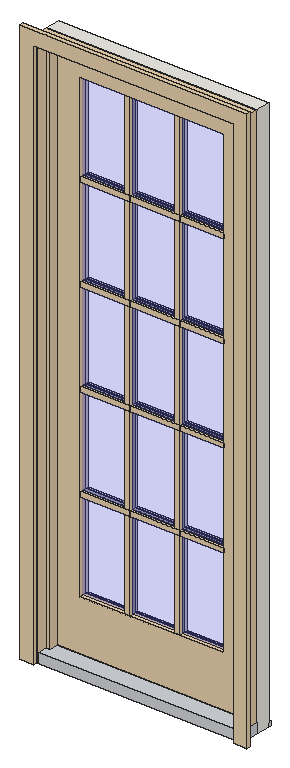
Revit family "Door-Outswing-Andersen-A_Series-Single 2", category Doors, host Wall, Revit 2013
Parameters
  Visual Light Transmittance = 0.37  # constant formula
  Type Comments = "Fiberglass-clad and Flexacron finished wood single door"  # constant formula
  Thermal Resistance (R) = 0.58703  # 3.3333 (h·ft²·°F)/BTU
  Solar Heat Gain Coefficient = 0.16  # constant formula
  Rough Width = Width + (Rough Opening Offset * 2)  # 3' - 0 3/4"
  Rough Height = if(1 > 0, Height + 0' 0 1/2", 0' 0")  # 8' - 0 1/2"
  Learn About These Parameters = "http://www.andersenwindows.com/for-professionals/cad-symbols-bim-support-window-doors/bim-support"
  Heat Transfer Coefficient (U) = 1.7035  # 0.3000 BTU/(h·ft²·°F)
  Grille Bar Sizes = "3/4'', 7/8'', 1 1/8'', 2 1/4''"  # constant formula
  Between Glass Grille Bar Sizes = "3/4'', 1''"  # constant formula
  Interior Trim Visibility = yes
  Grille Bar Size = 0' - 0 7/8"
  Enter Pattern Number = 1
  Analytic Construction = "<None>"
  ..Pattern Number 1 = "Colonial"  # constant formula
  . . Lights Wide = 3
  . . Lights High = 5
  ..Pattern Number 2 = "Modified Colonial"  # constant formula
  ..Pattern Number 3 = "Prairie"  # constant formula
  ..Pattern Number 4 = "Short Fractional"  # constant formula
  ..Pattern Number 5 = "Tall Fractional"  # constant formula
  Extension Jamb Visibility = yes
  Enter Exterior Trim Number = 0
  ..Exterior Trim Number 0 = "No Exterior Trim"  # constant formula
  ..Exterior Trim Number 1 = "Brick Mould"  # constant formula
  ..Exterior Trim Number 2 = "3 1/2'' Flat Casing"  # constant formula
  ..Exterior Trim Number 3 = "4 1/2'' Flat Casing"  # constant formula
  Interior Grille Bar Visibility = yes
  Exterior Grille Bar Visibility = yes
  Between Glass Grille Bar Visibility = yes
  xjamb Visibility [instance] = and(Extension Jamb Visibility, Wall Depth > 0' 4 9/16")  # no
  xjamb S1 [instance] = if(Wall Depth < 0' 4 5/8", 0' 0 1/16", 0' 0")  # 0' - 0 1/16"
  casingS2 = if(Enter Exterior Trim Number = 1, 0' 0 3/16", 0' 0 3/16")  # 0' - 0 3/16"
  casingS1 = if(Enter Exterior Trim Number = 1, 0' 0 7/16", 0' 0 3/16")  # 0' - 0 3/16"
  casing4 = if(Enter Exterior Trim Number = 1, 0' 1 3/4", if(Enter Exterior Trim Number = 2, 0' 3 1/4", 0' 4 1/4"))  # 0' - 4 1/4"
  casing3 = 0' - 0 1/2"  # constant formula
  casing2 = 0' - 0 7/8"  # constant formula
  casing1 = 0' - 0 1/4"  # constant formula
  Wall Thickness [instance] = 0' - 8"
  Wall Depth [instance] = 0' - 4 9/16"
  Void Offset 1 [instance] = if(Enter Exterior Trim Number > 0, casing4, 0' 0")  # 0' - 0"
  Void Depth [instance] = if(Wall Thickness > Wall Depth, 0' 1" + Wall Thickness - Wall Depth, 0' 1")  # 0' - 4 7/16"
  VGB DLO = if(Enter Pattern Number = 3, 0' 4", (H DLO - (Grille Bar Size * (V Bars))) / if(LWide > 2, LWide, 3))  # 0' - 7.66667"
  V Bars = if(Enter Pattern Number = 3, 2, if(LWide > 2, LWide - 1, 2))  # 2
  URL = "www.andersenwindows.com"
  TS V DLO = Height - HGO - SGO  # 6' - 7 7/8"
  TS V Bar Length = if(or(Enter Pattern Number = 5, Enter Pattern Number = 2), ((((Height - HGO - SGO - (Grille Bar Size * (Fractional Lights High - 1))) / Fractional Lights High)) * TFL) + (TFB * Grille Bar Size), if(Enter Pattern Number = 4, ((Height - HGO - SGO - (Grille Bar Size * (Fractional Lights High - 1))) / Fractional Lights High), Height - HGO - SGO))  # 6' - 7 7/8"
  TS SH DLO = if(or(Enter Pattern Number = 5, Enter Pattern Number = 2), ((((Height - HGO - SGO - (Grille Bar Size * (Fractional Lights High - 1))) / Fractional Lights High)) * TFL) + (TFB * Grille Bar Size) + HGO + (Grille Bar Size / 2), if(Enter Pattern Number = 4, TS V Bar Length + HGO + (Grille Bar Size / 2), (TS V DLO / 2) + HGO))  # 3' - 9 9/16"
  TS S V = or(and(LWide = 2, Enter Pattern Number = 1), and(Fractional Lights Wide = 2, or(or(Enter Pattern Number = 2, Enter Pattern Number = 4), Enter Pattern Number = 5)))  # no
  TS S H Craftsman = and(Enter Pattern Number = 2, or(Fractional Lights High = 4, Fractional Lights High = 5))  # no
  TS S H = or(or(or(and(. . Lights High = 2, Enter Pattern Number = 1), and(Enter Pattern Number = 4, Fractional Lights High > 1)), and(Enter Pattern Number = 5, Fractional Lights High > 1)), and(Enter Pattern Number = 2, Fractional Lights High > 1))  # no
  TS M V = or(or(or(or(or(and(LWide > 2, Enter Pattern Number = 1), and(LWide > 2, Enter Pattern Number = 2)), Enter Pattern Number = 3), Enter Pattern Number = 4), Enter Pattern Number = 5), and(LWide > 2, Enter Pattern Number = 6))  # yes
  TS M H = or(or(Enter Pattern Number = 3, and(. . Lights High > 2, Enter Pattern Number = 1)), and(Enter Pattern Number = 2, Fractional Lights High > 5))  # yes
  TS HGB DLO = if(Enter Pattern Number = 1, if(. . Lights High > 2, ((TS V Bar Length - (Grille Bar Size * (. . Lights High - 1))) / . . Lights High), 0' 4"), if(Enter Pattern Number = 3, 0' 4", if(Fractional Lights High > 2, ((TS V Bar Length - (Grille Bar Size * 2)) / 3), 0' 4")))  # 1' - 3.275"
  TS H Bars = if(Enter Pattern Number = 3, 2, if(Enter Pattern Number = 1, if(. . Lights High > 2, . . Lights High - 1, 2), 2))  # 4
  TFL = if(Fractional Lights High > 5, 3, if(or(Fractional Lights High = 4, Fractional Lights High = 5), 2, if(or(Fractional Lights High = 2, Fractional Lights High = 3), 1, 1)))  # 3
  TFB = TFL - 1  # 2
  Sill Interior Offset [instance] = 0' - 0"  # constant formula
  Sill Height [instance] = 0' - 1 11/16"  # constant formula
  Rough Opening Offset = 0' - 0 3/8"
  Panel Bottom Inset [instance] = 0' - 1"  # constant formula
  Sill Depth [instance] = 0' - 6 7/32"  # constant formula
  SGO = 0' - 10 1/2"  # constant formula
  Product Documentation Link = "http://www.andersenwindows.com/products/a-series-hinged-patio-door/"
  Panel Width = Width - 0' 0 3/4" - 0' 0 3/4"  # 2' - 10 1/2"
  Panel Height [instance] = CTRL Height - 0' 0 3/4" - Panel Bottom Inset  # 7' - 10 1/4"
  Nail Fin Visibility = Enter Exterior Trim Number = 0  # yes
  Model = "A-Series"  # constant formula
  Masonry Width = if(Enter Exterior Trim Number > 0, Width + ((casing4 + Masonry Opening Offset) * 2), Width + (Masonry Opening Offset * 2))  # 3' - 0 3/4"
  Masonry Opening Offset = 0' - 0 3/8"
  Masonry Height = if(Enter Exterior Trim Number > 0, Height + (casing4 + 0' 0 1/2"), Height + 0' 0 1/2")  # 8' - 0 1/2"
  Manufacturer = "Andersen Corporation"  # constant formula
  LWide = if(Enter Pattern Number = 3, 3, if(Enter Pattern Number = 1, . . Lights Wide, Fractional Lights Wide))  # 3
  JGO = 0' - 5 5/8"  # constant formula
  Is Outswing = 1 = 1  # yes
  Interior Unit Finish = Wood - Andersen - Pine
  Interior Trim Size = 0' - 2 1/4"
  HGO = 0' - 5 5/8"  # constant formula
  H DLO = Width - (JGO * 2)  # 2' - 0 3/4"
  Glazing Material = Glass ‐ Andersen - Low-E4 SmartSun
  Function = Exterior
  Height = 8' - 0"
  Wall Closure = By host
  Width = 3' - 0"
  Frame Interior Inset [instance] = 0' - 0"  # constant formula
  Frame Depth [instance] = 0' - 5 7/8"  # constant formula
  Fractional Lights Wide = 4
  Fractional Lights High = 6
  Family Version = "01.01.15"  # constant formula
  Exterior Unit Finish = Fiberglass - Andersen - White
  Exterior Trim Finish = Fibrex Composite - Andersen - White
  Designation = "FWOD"
  Description = "Fiberglass-clad and Flexacron finished wood single door"  # constant formula
  Coarse Plan [instance] = if(Wall Depth > Wall Thickness, Wall Thickness, Wall Depth)  # 0' - 4 9/16"
  Casing Visibility [instance] = Enter Exterior Trim Number > 0  # no
  CTRL Height [instance] = Height  # 8' - 0"
  Between Glass Grille Bar Finish = Stainless Steel - Andersen - Standard
  BS V DLO = Height - HGO - SGO  # 6' - 7 7/8"
  BS SH DLO = if(Enter Pattern Number = 5, SGO + 0' 4" + (Grille Bar Size / 2), (BS V DLO / 2) + SGO)  # 4' - 2 7/16"
  BS S V = and(LWide = 2, Enter Pattern Number = 1)  # no
  BS M V = or(or(and(LWide > 2, Enter Pattern Number = 1), Enter Pattern Number = 3), Enter Pattern Number = 5)  # yes
  Assembly Code = "B2030100"
Reference planes (in)
  plane 1 "Center (Front/Back)": y = 0
  plane 2 "Center (Left/Right)": x = 0
  plane 3 "R Frame": x = -18
  plane 4 "L Frame": x = 18
  plane 5 "T Frame": z = 96
  plane 6 "Wall S1": y = 4
  plane 7 "Wall S2": y = -4
  plane 8 "Interior Casing": y = -4.625
  plane 9 "Frame S2": y = -4
  plane 10 "Flange": y = 0.5625
  plane 11 "Casing S2": y = 2.0625
  plane 12 "Casing S1": y = 2.0625
  plane 13 "Exterior Offset": y = 5
  plane 14 "R Rough Opening": x = -18.375
  plane 15 "R Casing 1": x = -17.75
  plane 16 "R Casing 2": x = -21.375
  plane 17 "R Casing 3": x = -21.75
  plane 18 "R Casing 4": x = -22.25
  plane 19 "R Masonry Opening": x = -18.375
  plane 20 "L Masonry Opening": x = 18.375
  plane 21 "L Casing 4": x = 22.25
  plane 22 "L Casing 3": x = 21.75
  plane 23 "L Casing 2": x = 21.375
  plane 24 "L Casing 1": x = 17.75
  plane 25 "L Rough Opening": x = 18.375
  plane 26 "T Rough Opening": z = 96.5
  plane 27 "T Casing 1": z = 95.75
  plane 28 "T Casing 2": z = 99.375
  plane 29 "T Casing 3": z = 99.75
  plane 30 "T Casing 4": z = 100.25
  plane 31 "T Masonry Opening": z = 96.5
  plane 32 "R Int Casing": x = -19.5
  plane 33 "R Xjamb 2": x = -17.875
  plane 34 "R Ext Frame": x = -17.434
  plane 35 "L Int Casing": x = 19.5
  plane 36 "L Xjamb 2": x = 17.875
  plane 37 "L Ext Frame": x = 16.578
  plane 38 "T Int Casing": z = 97.684
  plane 39 "T Xjamb 2": z = 95.875
  plane 40 "T Ext Frame": z = 95.434
  plane 41 "L Panel": x = 17.25
  plane 42 "R Panel": x = -17.25
  plane 43 "T Panel": z = 95.25
  plane 44 "B Panel": z = 1
  plane 45 "B Glazing": z = 10.5
  plane 46 "T Glazing": z = 90.375
  plane 47 "L Glazing": x = 12.375
  plane 48 "R Glazing": x = -12.375
  plane 49 "Panel1 S1": y = 0.943
  plane 50 "Panel1 S2": y = -0.776
  plane 51 "Xjamb S1": y = -3.9375
  plane 52 "Frame S1": y = 1.875
  plane 53 "L Stop": x = 16.305
  plane 54 "R Stop": x = -16.305
  plane 55 "T Stop": z = 94.305
  plane 56 "Sill Height": z = 1.6875
  plane 57 "Glass1 S1": y = 0.53009
  plane 58 "Glass1 S3": y = -0.111
  plane 59 "Glass1 S2": y = 0.40509
  plane 60 "Glass1 S4": y = -0.236
  plane 61 "Vert Bar length": z = 10.5
  plane 62 "L Xjamb 1": x = 17.25
  plane 63 "R Xjamb S1": x = -17.25
  plane 64 "T Xjamb S1": z = 95.25
  plane 65 "R Int Frame": x = -16.984
  plane 66 "L Int Frame": x = 16.984
  plane 67 "Frame S1.1": y = 1.72601
  plane 68 "T Int Frame": z = 94.984
  plane 69 "B Ext Frame": z = 0.748
  plane 70 "B Stop": z = 2.45642
  plane 71 "Sill S1": y = 2.205
  plane 72 "R Ext Frame 2": x = -16.578
  plane 73 "Stop S1": y = -2.328
  plane 74 "L Ext Frame 2": x = 17.434
  plane 75 "T Ext Frame 2": z = 94.578
  plane 76: z = 48.125
Forms (in)
  Extrusion 1, void
    sketch origin (0, 0, 0) x (1, 0, 0) y (0, 0, 1)
      loop
        line (18, 96) -> (-18, 96) -> (-18, 0) -> (18, 0) -> (18, 96)
    from -0.5625 to 4
  Extrusion 2, void
    sketch origin (0, 0, 0) x (1, 0, 0) y (0, 0, 1)
      loop
        line (18, 96) -> (-18, 96) -> (-18, 0) -> (18, 0) -> (18, 96)
    from -30 to -0.5625
  Sweep 3, solid, material "Fibrex Composite - Andersen - White" <- "Exterior Trim Finish", visible <- "Casing Visibility", detail levels medium+fine
    path origin (0, 0.5625, 0) x (-1, 0, 0) y (0, 0, 1)
      loop
        line (-22.25, 0) -> (-22.25, 100.25) -> (22.25, 100.25) -> (22.25, 0)
    profile origin (22.25, 0.5625, 50.125) x (1, 0, 0) y (0, 1, 0)
      loop
        line (-0.875, 1.5) -> (-4.5, 1.5) -> (-4.5, 0) -> (0, 0) -> (0, 1.5) -> (-0.5, 1.5) -> (-0.875, 1.5)
  Extrusion 4, solid, material "Fibrex Composite - Andersen - White" <- "Exterior Trim Finish", visible <- "Casing Visibility", detail levels coarse
    sketch origin (0, 0.5625, 0) x (-1, 0, 0) y (0, 0, 1)
      loop
        line (-17.75, 95.75) -> (17.75, 95.75) -> (17.75, 0) -> (22.25, 0) -> (22.25, 100.25) -> (-22.25, 100.25) -> (-22.25, 0) -> (-17.75, 0) -> (-17.75, 95.75)
    from 0 to 1.5
  Extrusion 5, solid, material "Wood - Andersen - Pine" <- "Interior Unit Finish", visible <- "Interior Trim Visibility", detail levels fine
    sketch origin (0, 0, 0) x (1, 0, 0) y (0, 0, 1)
      loop
        line (-17.25, 95.25) -> (17.25, 95.25) -> (17.25, 0) -> (19.5, 0) -> (19.5, 97.684) -> (-19.5, 97.684) -> (-19.5, 0) -> (-17.25, 0) -> (-17.25, 95.25)
    from 4 to 4.625
  Extrusion 6, solid, material "Wood - Andersen - Pine" <- "Interior Unit Finish", visible <- "xjamb Visibility", detail levels medium+fine
    sketch origin (0, 0, 0) x (1, 0, 0) y (0, 0, 1)
      loop
        line (-17.875, 0) -> (-17.25, 0) -> (-17.25, 95.25) -> (17.25, 95.25) -> (17.25, 0) -> (17.875, 0) -> (17.875, 95.875) -> (-17.875, 95.875) -> (-17.875, 0)
    from 3.9375 to 4
  Sweep 7, void
    path origin (4.25, 0.5625, 0) x (-1, 0, 0) y (0, 0, 1)
      loop
        line (4.25, 0) -> (4.25, 10.5)
    profile origin (0, 0.5625, 5.25) x (1, 0, 0) y (0, 1, 0)
      loop
        line (18, -1.3385) -> (18, 1.3125) -> (17.434, 1.3125) -> (17.434, -0.15741) -> (16.578, -0.15741) -> (16.578, -1.3385) -> (18, -1.3385)
      loop
        line (-18, -1.3385) -> (-16.578, -1.3385) -> (-16.578, -0.15741) -> (-17.434, -0.15741) -> (-17.434, 1.3125) -> (-18, 1.3125) -> (-18, -1.3385)
  Sweep 8, solid, material "Fiberglass - Andersen - White" <- "Exterior Unit Finish"
    path in 3D
      loop
        line (18, 0.5625, 0) -> (18, 0.5625, 96) -> (-18, 0.5625, 96) -> (-18, 0.5625, 0)
    profile origin (18, 0.5625, 48) x (1, 0, 0) y (0, 1, 0)
      loop
        line (0, 1.3125) -> (-0.566, 1.3125) -> (-0.566, -0.15741) -> (-1.422, -0.15741) -> (-1.422, -1.3385) -> (0, -1.3385) -> (0, 1.3125)
  Sweep 9, solid, material "Wood - Andersen - Pine" <- "Interior Unit Finish"
    path in 3D
      loop
        line (18, 0.5625, 0) -> (18, 0.5625, 96) -> (-18, 0.5625, 96) -> (-18, 0.5625, 0)
    profile origin (18, 0.5625, 48) x (1, 0, 0) y (0, 1, 0)
      loop
        line (0, -1.3385) -> (-1.695, -1.3385) -> (-1.695, -2.8905) -> (-1.016, -2.8905) -> (-1.016, -4.5625) -> (0, -4.5625) -> (0, -1.3385)
  Extrusion 10, solid, material "Fiberglass - Andersen - White" <- "Exterior Unit Finish"
    sketch origin (0, 0.5625, 0) x (-1, 0, 0) y (0, 0, 1)
      loop
        line (-17.25, 95.25) -> (-17.25, 1) -> (17.25, 1) -> (17.25, 95.25) -> (-17.25, 95.25)
      loop
        line (-12.375, 90.375) -> (-12.375, 10.5) -> (12.375, 10.5) -> (12.375, 90.375) -> (-12.375, 90.375)
    from -0.03241 to 0.3805
  Extrusion 11, solid, material "Wood - Andersen - Pine" <- "Interior Unit Finish"
    sketch origin (0, 0.5625, 0) x (-1, 0, 0) y (0, 0, 1)
      loop
        line (-17.25, 95.25) -> (-17.25, 1) -> (17.25, 1) -> (17.25, 95.25) -> (-17.25, 95.25)
      loop
        line (-12.375, 90.375) -> (-12.375, 10.5) -> (12.375, 10.5) -> (12.375, 90.375) -> (-12.375, 90.375)
    from -1.3385 to -0.03241
  Extrusion 12, solid, material "Glass ‐ Andersen - Low-E4 SmartSun" <- "Glazing Material"
    sketch origin (0, 0.5625, 0) x (-1, 0, 0) y (0, 0, 1)
      loop
        line (-12.375, 90.375) -> (-12.375, 10.5) -> (12.375, 10.5) -> (12.375, 90.375) -> (-12.375, 90.375)
    from -0.7985 to -0.03241
  Extrusion 13, solid
    sketch origin (0, 0, 0) x (0, 1, 0) y (0, 0, 1)
      loop
        line (2.205, 0.748) -> (0.40509, 0.748) -> (0.40509, 1.6875) -> (-0.776, 1.6875) -> (-0.776, 0) -> (2.205, 0) -> (2.205, 0.748)
    from -18 to 18
  Extrusion 14, solid
    sketch origin (0, 0, 0) x (0, 1, 0) y (0, 0, 1)
      loop
        line (-0.776, 1.6875) -> (-4, 1.6875) -> (-4, 0) -> (-0.776, 0) -> (-0.776, 1.6875)
    from -18 to 18
Cuts and joins
  Sweep 7 cuts Extrusion 13
Lines and regions (in)
  Masking region 1, visible <- "Casing Visibility"
    outline origin (0, 0, 0) x (0, 1, 0) y (0, 0, 1)
      loop
        line (0.5625, 96) -> (1.875, 96) -> (1.875, 0) -> (2.0625, 0) -> (2.0625, 100.25) -> (0.5625, 100.25) -> (0.5625, 96)
  Masking region 2
    outline origin (0, 0, 0) x (0, 1, 0) y (0, 0, 1)
      loop
        line (1.875, 96) -> (-4, 96) -> (-4, 0) -> (2.205, 0) -> (2.205, 0.748) -> (1.875, 0.748) -> (1.875, 96)
  Masking region 3, visible <- "Casing Visibility", detail levels fine
    outline origin (0, 0, 0) x (1, 0, 0) y (0, 1, 0)
      loop
        line (-21.75, 2.0625) -> (-22.25, 2.0625) -> (-22.25, 0.5625) -> (-18, 0.5625) -> (-18, 1.875) -> (-17.75, 1.875) -> (-17.75, 2.0625) -> (-21.375, 2.0625) -> (-21.75, 2.0625)
  Masking region 4, visible <- "Casing Visibility", detail levels fine
    outline origin (0, 0, 0) x (1, 0, 0) y (0, 1, 0)
      loop
        line (21.75, 2.0625) -> (21.375, 2.0625) -> (17.75, 2.0625) -> (17.75, 1.875) -> (18, 1.875) -> (18, 0.5625) -> (22.25, 0.5625) -> (22.25, 2.0625) -> (21.75, 2.0625)
  Masking region 5, visible <- "Casing Visibility", detail levels coarse+medium
    outline origin (0, 0, 0) x (1, 0, 0) y (0, 1, 0)
      loop
        line (-22.25, 2.0625) -> (-22.25, 0.5625) -> (-18, 0.5625) -> (-18, 2.0625) -> (-22.25, 2.0625)
  Masking region 6, visible <- "Casing Visibility", detail levels coarse+medium
    outline origin (0, 0, 0) x (1, 0, 0) y (0, 1, 0)
      loop
        line (18, 2.0625) -> (18, 0.5625) -> (22.25, 0.5625) -> (22.25, 2.0625) -> (18, 2.0625)
  Masking region 7, visible <- "Casing Visibility"
    outline origin (0, 2.625, 0) x (-1, 0, 0) y (0, 0, 1)
      loop
        line (-22.25, 100.25) -> (-22.25, 0) -> (-18, 0) -> (-18, 96) -> (18, 96) -> (18, 0) -> (22.25, 0) -> (22.25, 100.25) -> (-22.25, 100.25)
  Masking region 8, visible <- "Interior Trim Visibility", detail levels fine
    outline origin (0, -4.625, 0) x (-1, 0, 0) y (0, 0, 1)
      loop
        line (-19.5, 97.684) -> (-19.5, 0) -> (-17.25, 0) -> (-17.25, 95.25) -> (17.25, 95.25) -> (17.25, 0) -> (19.5, 0) -> (19.5, 97.684) -> (-19.5, 97.684)
  Masking region 9
    outline origin (0, -4, 0) x (-1, 0, 0) y (0, 0, 1)
      loop
        line (-18, 96) -> (-18, 0) -> (18, 0) -> (18, 96) -> (-18, 96)
      loop
        line (-16.305, 94.305) -> (-16.305, 1.6875) -> (16.305, 1.6875) -> (16.305, 94.305) -> (-16.305, 94.305)
  Masking region 10
    outline origin (0, 0.943, 0) x (-1, 0, 0) y (0, 0, 1)
      loop
        line (-17.25, 95.25) -> (-17.25, 1) -> (17.25, 1) -> (17.25, 95.25) -> (-17.25, 95.25)
  Masking region 11, visible <- "Interior Trim Visibility", detail levels fine
    outline origin (0, 0, 0) x (1, 0, 0) y (0, 1, 0)
      loop
        line (-19.5, -4) -> (-19.5, -4.625) -> (-17.25, -4.625) -> (-17.25, -4) -> (-19.5, -4)
  Masking region 12, visible <- "xjamb Visibility", detail levels medium+fine
    outline origin (0, 0, 0) x (1, 0, 0) y (0, 1, 0)
      loop
        line (-17.875, -3.9375) -> (-17.875, -4) -> (-17.25, -4) -> (-17.25, -3.9375) -> (-17.875, -3.9375)
  Masking region 13, visible <- "Interior Trim Visibility", detail levels fine
    outline origin (0, 0, 0) x (1, 0, 0) y (0, 1, 0)
      loop
        line (17.25, -4) -> (17.25, -4.625) -> (19.5, -4.625) -> (19.5, -4) -> (17.25, -4)
  Masking region 14, visible <- "xjamb Visibility", detail levels medium+fine
    outline origin (0, 0, 0) x (1, 0, 0) y (0, 1, 0)
      loop
        line (17.25, -3.9375) -> (17.25, -4) -> (17.875, -4) -> (17.875, -3.9375) -> (17.25, -3.9375)
  Masking region 15, visible <- "xjamb Visibility", detail levels medium+fine
    outline origin (0, 0, 0) x (0, 1, 0) y (0, 0, 1)
      loop
        line (-3.9375, 95.875) -> (-4, 95.875) -> (-4, 0) -> (-3.9375, 0) -> (-3.9375, 95.875)
  Masking region 16, visible <- "Interior Trim Visibility", detail levels fine
    outline origin (0, 0, 0) x (0, 1, 0) y (0, 0, 1)
      loop
        line (-4, 97.684) -> (-4.625, 97.684) -> (-4.625, 0) -> (-4, 0) -> (-4, 97.684)
  Masking region 17
    outline origin (0, 0, 0) x (1, 0, 0) y (0, 1, 0)
      loop
        line (-18, 1.875) -> (-18, -4) -> (18, -4) -> (18, 1.875) -> (-18, 1.875)
  symbolic lines, style "DoorsFrameMullionProjection", visible <- "Casing Visibility", detail levels medium+fine
    curve 1: line (0, 2.0625, 99.75) -> (0, 2.0625, 99.375)
    curve 2: line (0, 2.0625, 99.375) -> (0, 2.0625, 95.75)
    curve 3: line (0, 2.0625, 95.75) -> (0, 1.875, 95.75)
  symbolic lines, style "DoorsFrameMullionProjection", detail levels coarse
    curve 4: line (0, 1.875, 96) -> (0, 2.0625, 96)
    curve 55: line (-17.25, 1.875, 0) -> (-17.25, -4, 0)
    curve 56: line (17.25, 1.875, 0) -> (17.25, -4, 0)
    curve 173: line (-17.25, -0.776, 0) -> (-16.578, -0.776, 0)
    curve 174: line (16.984, -0.776, 0) -> (17.25, -0.776, 0)
  symbolic lines, style "DoorsFrameMullionProjection", visible <- "Nail Fin Visibility", detail levels medium+fine
    curve 5: line (0, 0.5625, 96.34025) -> (0, 0.5625, 96)
  symbolic lines, style "DoorsGlassProjection", detail levels fine
    curve 6: line (0, -0.111, 10.5) -> (0, -0.111, 90.375)
    curve 7: line (0, 0.40509, 10.5) -> (0, 0.40509, 90.375)
    curve 10: line (12.375, 0.40509, 0) -> (-12.375, 0.40509, 0)
    curve 11: line (12.375, -0.111, 0) -> (-12.375, -0.111, 0)
    curve 62: line (0, -0.111, 10.375) -> (0, 0.40509, 10.375)
    curve 63: line (0, -0.111, 9.75) -> (0, -0.111, 10.5)
    curve 64: line (0, 0.40509, 9.75) -> (0, 0.40509, 10.5)
    curve 94: line (-13.1405, -0.111, 0) -> (-12.375, -0.111, 0)
    curve 95: line (-12.375, 0.40509, 0) -> (-13.1405, 0.40509, 0)
    curve 96: line (-12.5, 0.40509, 0) -> (-12.5, -0.111, 0)
    curve 124: line (13.1405, -0.111, 0) -> (12.375, -0.111, 0)
    curve 125: line (12.375, 0.40509, 0) -> (13.1405, 0.40509, 0)
    curve 126: line (12.5, 0.40509, 0) -> (12.5, -0.111, 0)
    curve 139: line (0, -0.111, 90.5) -> (0, 0.40509, 90.5)
    curve 140: line (0, -0.111, 91.125) -> (0, -0.111, 90.375)
    curve 141: line (0, 0.40509, 91.125) -> (0, 0.40509, 90.375)
  symbolic lines, style "DoorsGlassProjection"
    curve 8: line (0, -0.236, 10.5) -> (0, -0.236, 90.375)
    curve 9: line (0, 0.53009, 10.5) -> (0, 0.53009, 90.375)
  symbolic lines, style "DoorsGlassProjection", detail levels medium+fine
    curve 12: line (12.375, 0.53009, 0) -> (-12.375, 0.53009, 0)
    curve 13: line (12.375, -0.236, 0) -> (-12.375, -0.236, 0)
  symbolic lines, style "DoorsPanelProjection"
    curve 14: line (12.375, 0.943, 90.375) -> (-12.375, 0.943, 90.375)
    curve 15: line (12.375, 0.943, 10.5) -> (12.375, 0.943, 90.375)
    curve 16: line (-12.375, 0.943, 10.5) -> (12.375, 0.943, 10.5)
    curve 17: line (-12.375, 0.943, 90.375) -> (-12.375, 0.943, 10.5)
  symbolic lines, style "DoorsFrameMullionProjection", visible <- "xjamb Visibility", detail levels medium+fine
    curve 18: line (0, -3.9375, 95.25) -> (0, -4, 95.25)
  symbolic lines, style "DoorsFrameMullionProjection", visible <- "Interior Trim Visibility", detail levels fine
    curve 19: line (0, -4, 95.25) -> (0, -4.625, 95.25)
  symbolic lines, style "DoorsFrameMullionProjection"
    curve 20: line (0, 0.5625, 97.625) -> (0, 0.5625, 96)
    curve 21: line (0, 1.72601, 95.516) -> (0, 1.8745, 95.516)
    curve 22: line (0, 1.72601, 95.434) -> (0, 1.72601, 95.516)
    curve 23: line (0, 1.72601, 95.434) -> (0, 0.40509, 95.434)
    curve 24: line (0, 0.40509, 94.578) -> (0, 0.40509, 95.434)
    curve 53: line (-17.25, 0.943, 0) -> (17.25, 0.943, 0)
    curve 54: line (-16.984, -0.776, 0) -> (16.984, -0.776, 0)
    curve 57: line (0, 0.943, 95.434) -> (0, 0.943, 0.81388)
    curve 58: line (0, -0.776, 94.578) -> (0, -0.776, 1.6875)
    curve 65: line (0, -4, 0) -> (0, -4, 0.891)
    curve 66: line (0, -3.25, 1.141) -> (0, -1.546, 1.141)
    curve 67: line (0, -1.546, 1.141) -> (0, -1.546, 1.6875)
    curve 68: line (0, 0.40509, 0.84207) -> (0, 2.205, 0.74774)
    curve 69: line (0, 2.205, 0.74774) -> (0, 2.205, 0)
    curve 70: line (0, 0.40509, 1.6875) -> (0, -1.546, 1.6875)
    curve 71: line (0, 0.61934, 10.5) -> (0, 0.9435, 10.38992)
    curve 72: line (0, 0.53059, 10.5) -> (0, 0.61934, 10.5)
    curve 73: line (0, 0.53059, 9.75) -> (0, 0.53059, 10.5)
    curve 74: line (0, -0.776, 9.75) -> (0, 0.53059, 9.75)
    curve 75: line (0, -0.2355, 9.75) -> (0, -0.2355, 10.5)
    curve 76: line (0, -0.2355, 10.5) -> (0, -0.3155, 10.5)
    curve 77: line (0, -0.3155, 10.5) -> (0, -0.776, 10.10858)
    curve 142: line (0, -4, 94.984) -> (0, -2.328, 94.984)
    curve 143: line (0, -1.79342, 94.305) -> (0, -0.776, 94.305)
    curve 144: line (0, -2.328, 94.666) -> (0, -2.328, 94.984)
    curve 145: line (0, 0.61884, 90.375) -> (0, 0.943, 90.48508)
    curve 146: line (0, 0.53009, 90.375) -> (0, 0.61884, 90.375)
    curve 147: line (0, 0.53009, 91.125) -> (0, 0.53009, 90.375)
    curve 148: line (0, -0.776, 91.125) -> (0, 0.53009, 91.125)
    curve 149: line (0, -0.316, 90.375) -> (0, -0.236, 90.375)
    curve 150: line (0, -0.776, 90.766) -> (0, -0.316, 90.375)
    curve 151: line (0, -0.236, 90.375) -> (0, -0.236, 91.125)
    curve 152: line (0, -2.328, 94.666) -> (0, -1.79342, 94.305)
    curve 167: line (0, 0.40509, 0.84207) -> (0, 0.40509, 1.6875)
    curve 168: line (0, -4, 0.891) -> (0, -3.25, 1.141)
    curve 171: line (0, -0.776, 94.578) -> (0, 0.40509, 94.578)
    curve 191: line (0, -2.328, 94.984) -> (0, -0.776, 94.984)
    curve 192: line (0, -0.776, 94.984) -> (0, -0.776, 94.305)
  symbolic lines, style "DoorsFrameMullionProjection", not visible
    curve 25: line (0, -7.30228, 74.06559) -> (0, -7.30228, 72.44059)
    curve 26: line (0, -6.13877, 71.95659) -> (0, -5.99028, 71.95659)
    curve 27: line (0, -6.13877, 71.87459) -> (0, -6.13877, 71.95659)
    curve 28: line (0, -6.13877, 71.87459) -> (0, -7.45968, 71.87459)
    curve 29: line (0, -7.45968, 71.01859) -> (0, -7.45968, 71.87459)
    curve 81: line (0, -12.83947, 5.45411) -> (0, -12.83947, 6.34511)
    curve 82: line (0, -12.08947, 6.59511) -> (0, -10.38547, 6.59511)
    curve 83: line (0, -10.38547, 6.59511) -> (0, -10.38547, 7.14161)
    curve 84: line (0, -8.43438, 6.29618) -> (0, -6.63447, 6.20185)
    curve 85: line (0, -6.63447, 6.20185) -> (0, -6.63447, 5.45411)
    curve 86: line (0, -8.43438, 7.14161) -> (0, -10.38547, 7.14161)
    curve 87: line (0, -8.22013, 15.95411) -> (0, -7.89597, 15.84402)
    curve 88: line (0, -8.30888, 15.95411) -> (0, -8.22013, 15.95411)
    curve 89: line (0, -8.30888, 15.20411) -> (0, -8.30888, 15.95411)
    curve 90: line (0, -9.61547, 15.20411) -> (0, -8.30888, 15.20411)
    curve 91: line (0, -9.07497, 15.20411) -> (0, -9.07497, 15.95411)
    curve 92: line (0, -9.07497, 15.95411) -> (0, -9.15497, 15.95411)
    curve 93: line (0, -9.15497, 15.95411) -> (0, -9.61547, 15.56268)
    curve 156: line (0, -11.86478, 71.42459) -> (0, -10.19278, 71.42459)
    curve 157: line (0, -9.65819, 70.74559) -> (0, -8.64078, 70.74559)
    curve 158: line (0, -10.19278, 71.10659) -> (0, -10.19278, 71.42459)
    curve 159: line (0, -7.24594, 66.81559) -> (0, -6.92178, 66.92568)
    curve 160: line (0, -7.33468, 66.81559) -> (0, -7.24594, 66.81559)
    curve 161: line (0, -7.33468, 67.56559) -> (0, -7.33468, 66.81559)
    curve 162: line (0, -8.64078, 67.56559) -> (0, -7.33468, 67.56559)
    curve 163: line (0, -8.18078, 66.81559) -> (0, -8.10078, 66.81559)
    curve 164: line (0, -8.64078, 67.20659) -> (0, -8.18078, 66.81559)
    curve 165: line (0, -8.10078, 66.81559) -> (0, -8.10078, 67.56559)
    curve 166: line (0, -10.19278, 71.10659) -> (0, -9.65819, 70.74559)
    curve 169: line (0, -8.43438, 6.29618) -> (0, -8.43438, 7.14161)
    curve 170: line (0, -12.83947, 6.34511) -> (0, -12.08947, 6.59511)
    curve 172: line (0, -8.64078, 71.01859) -> (0, -7.45968, 71.01859)
    curve 193: line (0, -10.19278, 71.42459) -> (0, -8.64078, 71.42459)
    curve 194: line (0, -8.64078, 71.42459) -> (0, -8.64078, 70.74559)
  symbolic lines, style "DoorsFrameMullionProjection", detail levels medium+fine
    curve 30: line (-19.55, 0.5625, 0) -> (-18, 0.5625, 0)
    curve 38: line (19.55, 0.5625, 0) -> (18, 0.5625, 0)
    curve 188: line (-16.984, -4, 94.984) -> (16.984, -4, 94.984)
    curve 189: line (-16.984, -4, 0) -> (-16.984, -4, 94.984)
    curve 190: line (16.984, -4, 94.984) -> (16.984, -4, 0)
  symbolic lines, style "DoorsFrameMullionProjection", detail levels fine
    curve 31: line (-17.516, 1.72601, 0) -> (-17.516, 1.8745, 0)
    curve 32: line (-17.434, 1.72601, 0) -> (-17.516, 1.72601, 0)
    curve 33: line (-17.434, 0.40509, 0) -> (-17.434, 1.72601, 0)
    curve 39: line (17.516, 1.72601, 0) -> (17.516, 1.8745, 0)
    curve 40: line (17.434, 1.72601, 0) -> (17.516, 1.72601, 0)
    curve 41: line (17.434, 0.40509, 0) -> (17.434, 1.72601, 0)
    curve 59: line (-16.578, 0.40509, 0) -> (-17.434, 0.40509, 0)
    curve 61: line (16.578, 0.40509, 0) -> (17.434, 0.40509, 0)
    curve 97: line (-16.305, -1.79342, 0) -> (-16.305, -0.776, 0)
    curve 98: line (-16.984, -4, 0) -> (-16.984, -0.776, 0)
    curve 99: line (-12.375, 0.5732, 0) -> (-12.50058, 0.943, 0)
    curve 100: line (-12.375, 0.53009, 0) -> (-12.375, 0.5732, 0)
    curve 101: line (-13.1405, 0.53009, 0) -> (-12.375, 0.53009, 0)
    curve 102: line (-13.1405, -0.776, 0) -> (-13.1405, 0.53009, 0)
    curve 103: line (-13.1405, -0.236, 0) -> (-12.375, -0.236, 0)
    curve 104: line (-12.375, -0.29776, 0) -> (-12.7815, -0.776, 0)
    curve 105: line (-12.375, -0.236, 0) -> (-12.375, -0.29776, 0)
    curve 106: line (-16.578, -0.776, 0) -> (-16.578, 0.40509, 0)
    curve 107: line (-16.666, -2.328, 0) -> (-16.305, -1.79342, 0)
    curve 108: line (-16.666, -2.328, 0) -> (-16.984, -2.328, 0)
    curve 127: line (16.305, -1.79342, 0) -> (16.305, -0.776, 0)
    curve 128: line (16.984, -4, 0) -> (16.984, -0.776, 0)
    curve 129: line (12.375, 0.5732, 0) -> (12.50058, 0.943, 0)
    curve 130: line (12.375, 0.53009, 0) -> (12.375, 0.5732, 0)
    curve 131: line (13.1405, 0.53009, 0) -> (12.375, 0.53009, 0)
    curve 132: line (13.1405, -0.776, 0) -> (13.1405, 0.53009, 0)
    curve 133: line (13.1405, -0.236, 0) -> (12.375, -0.236, 0)
    curve 134: line (12.375, -0.29776, 0) -> (12.7815, -0.776, 0)
    curve 135: line (12.375, -0.236, 0) -> (12.375, -0.29776, 0)
    curve 136: line (16.578, -0.776, 0) -> (16.578, 0.40509, 0)
    curve 137: line (16.666, -2.328, 0) -> (16.305, -1.79342, 0)
    curve 138: line (16.666, -2.328, 0) -> (16.984, -2.328, 0)
    curve 185: line (-17.25, 0.40509, 0) -> (-17.25, 0.943, 0)
    curve 187: line (17.25, 0.40509, 0) -> (17.25, 0.943, 0)
  symbolic lines, style "DoorsFrameMullionProjection", not visible, detail levels medium+fine
    curve 34: line (29.47212, 10.19686, 0) -> (27.92212, 10.19686, 0)
  symbolic lines, style "DoorsFrameMullionProjection", not visible, detail levels fine
    curve 35: line (27.43812, 11.36036, 0) -> (27.43812, 11.50886, 0)
    curve 36: line (27.35612, 11.36036, 0) -> (27.43812, 11.36036, 0)
    curve 37: line (27.35612, 10.03945, 0) -> (27.35612, 11.36036, 0)
    curve 60: line (26.50012, 10.03945, 0) -> (27.35612, 10.03945, 0)
    curve 112: line (26.22712, 7.84094, 0) -> (26.22712, 8.85836, 0)
    curve 113: line (26.90612, 5.63436, 0) -> (26.90612, 8.85836, 0)
    curve 114: line (22.29712, 10.20756, 0) -> (22.4227, 10.57736, 0)
    curve 115: line (22.29712, 10.16445, 0) -> (22.29712, 10.20756, 0)
    curve 116: line (23.06262, 10.16445, 0) -> (22.29712, 10.16445, 0)
    curve 117: line (23.06262, 8.85836, 0) -> (23.06262, 10.16445, 0)
    curve 118: line (23.06262, 9.39836, 0) -> (22.29712, 9.39836, 0)
    curve 119: line (22.29712, 9.33659, 0) -> (22.70362, 8.85836, 0)
    curve 120: line (22.29712, 9.39836, 0) -> (22.29712, 9.33659, 0)
    curve 121: line (26.50012, 8.85836, 0) -> (26.50012, 10.03945, 0)
    curve 122: line (26.58812, 7.30636, 0) -> (26.22712, 7.84094, 0)
    curve 123: line (26.58812, 7.30636, 0) -> (26.90612, 7.30636, 0)
    curve 186: line (27.17212, 10.03945, 0) -> (27.17212, 10.57736, 0)
  symbolic lines, style "DoorsFrameMullionProjection", detail levels medium
    curve 42: line (-12.375, 0.943, 0) -> (-12.375, -0.776, 0)
    curve 43: line (12.375, 0.943, 0) -> (12.375, -0.776, 0)
    curve 175: line (-16.984, -4, 0) -> (-16.984, -2.328, 0)
    curve 176: line (-16.984, -2.328, 0) -> (-16.305, -2.328, 0)
    curve 177: line (-16.305, -2.328, 0) -> (-16.305, -0.776, 0)
    curve 178: line (-16.305, -0.776, 0) -> (-17.25, -0.776, 0)
    curve 179: line (-17.25, -0.776, 0) -> (-17.25, 1.875, 0)
    curve 180: line (17.25, 1.875, 0) -> (17.25, -0.776, 0)
    curve 181: line (17.25, -0.776, 0) -> (16.305, -0.776, 0)
    curve 182: line (16.305, -0.776, 0) -> (16.305, -2.328, 0)
    curve 183: line (16.305, -2.328, 0) -> (16.984, -2.328, 0)
    curve 184: line (16.984, -2.328, 0) -> (16.984, -4, 0)
  model lines, style "InvisibleLines"
    curve 44: line (18, 0.5625, 0) -> (18, 0.5625, 96)
    curve 46: line (-18, 0.5625, 96) -> (-18, 0.5625, 0)
  model lines, style "InvisibleLines", detail levels fine
    curve 45: line (18, 0.5625, 96) -> (-18, 0.5625, 96)
  sketch lines
    curve 47: line (18, 0.5625, 0) -> (18, 0.5625, 96)
    curve 48: line (18, 0.5625, 96) -> (-18, 0.5625, 96)
    curve 49: line (-18, 0.5625, 96) -> (-18, 0.5625, 0)
    curve 50: line (18, 0.5625, 0) -> (18, 0.5625, 96)
    curve 51: line (18, 0.5625, 96) -> (-18, 0.5625, 96)
    curve 52: line (-18, 0.5625, 96) -> (-18, 0.5625, 0)
  symbolic lines, style "DoorsGlassProjection", not visible, detail levels fine
    curve 78: line (0, -8.95047, 15.82911) -> (0, -8.43438, 15.82911)
    curve 79: line (0, -8.95047, 15.20411) -> (0, -8.95047, 15.95411)
    curve 80: line (0, -8.43438, 15.20411) -> (0, -8.43438, 15.95411)
    curve 109: line (23.06262, 9.52336, 0) -> (22.29712, 9.52336, 0)
    curve 110: line (22.29712, 10.03945, 0) -> (23.06262, 10.03945, 0)
    curve 111: line (22.42212, 10.03945, 0) -> (22.42212, 9.52336, 0)
    curve 153: line (0, -7.97578, 66.94059) -> (0, -7.45968, 66.94059)
    curve 154: line (0, -7.97578, 67.56559) -> (0, -7.97578, 66.81559)
    curve 155: line (0, -7.45968, 67.56559) -> (0, -7.45968, 66.81559)
  symbolic lines, style "Elevation Swing"
    curve 195: line (-17.25, 0.943, 95.25) -> (17.25, 0.943, 48.125)
    curve 196: line (17.25, 0.943, 48.125) -> (-17.25, 0.943, 1)
  symbolic lines, style "Plan Swing"
    curve 197: line (17.25, 0.943, 0) -> (17.25, 35.443, 0)
    curve 198: arc (-17.25, 0.943, 0) -> (-7.14518, 25.33818, 0) -> (17.25, 35.443, 0) r 34.5
Text (in)
  text "Exterior" at (-74.96733, 27.31104, 0), in view "Ref. Level"
  text "Interior" at (-74.96733, -25.14366, 0), in view "Ref. Level"
  text "Exterior" at (0, 40.15149, 123.01588), in view "Right"
  text "Interior" at (0, -64.39139, 123.01588), in view "Right"
  text "Interior" at (0, -31.01599, 123.00693), in view "Left"
  text "Exterior" at (0, 54.57065, 123.00693), in view "Left"
Dimensions and locks (in)
  equal spacing: plane 3 "R Frame", plane 2 "Center (Left/Right)", plane 4 "L Frame"
  "CTRL Height": level to plane 5 "T Frame"
  "Width": plane 3 "R Frame" to plane 4 "L Frame"
  host wall to plane 5 "T Frame" = 8' - 0"
  locked: plane 8 "Interior Casing" to host wall at 0.625
  locked: plane 13 "Exterior Offset" to host wall at 1
  "Void Offset 1": plane 4 "L Frame" to Extrusion 2 sketch curve
  "Void Offset 1": plane 5 "T Frame" to Extrusion 2 sketch curve
  "Void Offset 1": Extrusion 2 sketch curve to plane 3 "R Frame"
  "casing1": plane 24 "L Casing 1" to plane 4 "L Frame"
  "Rough Opening Offset": plane 4 "L Frame" to plane 25 "L Rough Opening"
  "casing4": plane 4 "L Frame" to plane 21 "L Casing 4"
  "casing2": plane 23 "L Casing 2" to plane 21 "L Casing 4"
  "casing3": plane 22 "L Casing 3" to plane 21 "L Casing 4"
  "casing1": plane 3 "R Frame" to plane 15 "R Casing 1"
  "Rough Opening Offset": plane 14 "R Rough Opening" to plane 3 "R Frame"
  "casing4": plane 18 "R Casing 4" to plane 3 "R Frame"
  "casing2": plane 18 "R Casing 4" to plane 16 "R Casing 2"
  "casing3": plane 18 "R Casing 4" to plane 17 "R Casing 3"
  "casing1": plane 27 "T Casing 1" to plane 5 "T Frame"
  "casing4": plane 5 "T Frame" to plane 30 "T Casing 4"
  "casing2": plane 28 "T Casing 2" to plane 30 "T Casing 4"
  "casing3": plane 29 "T Casing 3" to plane 30 "T Casing 4"
  "Interior Trim Size": plane 40 "T Ext Frame" to plane 38 "T Int Casing"
  "xjamb S1": plane 51 "Xjamb S1" to plane 9 "Frame S2"
  "Void Depth": plane 13 "Exterior Offset" to Extrusion 2
  "Wall Thickness": host wall to host wall
  "Wall Depth": host wall to plane 10 "Flange"
  "Frame Depth": plane 52 "Frame S1" to plane 9 "Frame S2"
  "Panel Height": plane 44 "B Panel" to plane 43 "T Panel"
  "Sill Height": level to plane 56 "Sill Height"
  "HGO": plane 46 "T Glazing" to plane 5 "T Frame"
  "SGO": plane 45 "B Glazing" to level
  equal spacing: plane 61 "Vert Bar length", nested 3, plane 46 "T Glazing"
  "TS V Bar Length": plane 61 "Vert Bar length" to plane 46 "T Glazing"
  "JGO": plane 3 "R Frame" to plane 48 "R Glazing"
  "JGO": plane 47 "L Glazing" to plane 4 "L Frame"
  "TS SH DLO": nested 4 to plane 5 "T Frame"
  "casingS1": plane 12 "Casing S1" to plane 52 "Frame S1"
  "casingS2": plane 11 "Casing S2" to plane 52 "Frame S1"
  "Interior Trim Size": plane 62 "L Xjamb 1" to plane 35 "L Int Casing"
  "Interior Trim Size": plane 32 "R Int Casing" to plane 63 "R Xjamb S1"
  locked: plane 52 "Frame S1" to plane 10 "Flange" at 1.3125
  equal spacing: plane 19 "R Masonry Opening", plane 2 "Center (Left/Right)", plane 20 "L Masonry Opening"
  "Masonry Width": plane 19 "R Masonry Opening" to plane 20 "L Masonry Opening"
  "Masonry Height": level to plane 31 "T Masonry Opening"
  locked: plane 3 "R Frame" to plane 33 "R Xjamb 2" at 0.125
  locked: plane 3 "R Frame" to plane 34 "R Ext Frame" at 0.566
  locked: plane 3 "R Frame" to plane 63 "R Xjamb S1" at 0.75
  locked: plane 3 "R Frame" to plane 65 "R Int Frame" at 1.016
  locked: plane 3 "R Frame" to plane 42 "R Panel" at 0.75
  locked: plane 3 "R Frame" to plane 54 "R Stop" at 1.695
  locked: plane 36 "L Xjamb 2" to plane 4 "L Frame" at 0.125
  locked: plane 37 "L Ext Frame" to plane 4 "L Frame" at 1.422
  locked: plane 62 "L Xjamb 1" to plane 4 "L Frame" at 0.75
  locked: plane 66 "L Int Frame" to plane 4 "L Frame" at 1.016
  locked: plane 41 "L Panel" to plane 4 "L Frame" at 0.75
  locked: plane 53 "L Stop" to plane 4 "L Frame" at 1.695
  locked: plane 67 "Frame S1.1" to plane 10 "Flange" at 1.16351
  locked: plane 39 "T Xjamb 2" to plane 5 "T Frame" at 0.125
  locked: plane 40 "T Ext Frame" to plane 5 "T Frame" at 0.566
  locked: plane 64 "T Xjamb S1" to plane 5 "T Frame" at 0.75
  locked: plane 68 "T Int Frame" to plane 5 "T Frame" at 1.016
  plane 43 "T Panel" to plane 5 "T Frame" = 0' - 0 3/4"
  locked: plane 55 "T Stop" to plane 5 "T Frame" at 1.695
  locked: plane 69 "B Ext Frame" to level at 0.748
  locked: plane 70 "B Stop" to level at 2.45642
  locked: plane 71 "Sill S1" to plane 10 "Flange" at 1.6425
  locked: plane 5 "T Frame" to plane 26 "T Rough Opening" at 0.5
  locked: plane 3 "R Frame" to plane 72 "R Ext Frame 2" at 1.422
  locked: plane 74 "L Ext Frame 2" to plane 36 "L Xjamb 2" at 0.441
  locked: plane 75 "T Ext Frame 2" to plane 5 "T Frame" at 1.422
  "VGB DLO": nested 2 to plane 47 "L Glazing"
  equal spacing: group 6, group 10, group 11, group 7  (x2)
  equal spacing: group 7, group 11, group 10, group 6
  "TS HGB DLO": nested 5 to plane 46 "T Glazing"
  "TS HGB DLO": plane 61 "Vert Bar length" to nested 6
  group 9 to group 8 = 0' - 8.54167"
  group 8 to group 9 = 0' - 0"  (x2)
  "VGB DLO": plane 48 "R Glazing" to nested 7
  locked: plane 49 "Panel1 S1" to plane 10 "Flange" at 0.3805
  locked: plane 10 "Flange" to plane 57 "Glass1 S1" at 0.03241
  locked: plane 10 "Flange" to plane 59 "Glass1 S2" at 0.15741
  locked: plane 10 "Flange" to plane 58 "Glass1 S3" at 0.6735
  locked: plane 10 "Flange" to plane 60 "Glass1 S4" at 0.7985
  locked: plane 10 "Flange" to plane 50 "Panel1 S2" at 1.3385
  locked: plane 10 "Flange" to plane 73 "Stop S1" at 2.8905
  equal spacing: plane 44 "B Panel", plane 76, plane 43 "T Panel"
  "Panel Width": curve 197 to curve 198
  "Panel Width": radius of curve 198
  aligned and locked: plane 6 "Wall S1" to host wall
  aligned and locked: plane 7 "Wall S2" to host wall
  aligned and locked: plane 5 "T Frame" to Extrusion 1 sketch curve
  aligned and locked: plane 4 "L Frame" to Extrusion 1 sketch curve
  aligned and locked: Extrusion 1 sketch curve to plane 3 "R Frame"
  aligned and locked: level to Extrusion 1 sketch curve
  aligned and locked: host wall to Extrusion 1
  aligned and locked: plane 10 "Flange" to Extrusion 1
  aligned and locked: level to Extrusion 2 sketch curve
  aligned and locked: level to Sweep 3 sketch curve  (x2)
  aligned and locked: plane 21 "L Casing 4" to Sweep 3 sketch curve  (x2)
  aligned and locked: plane 30 "T Casing 4" to Sweep 3 sketch curve
  aligned and locked: Sweep 3 sketch curve to plane 18 "R Casing 4"
  aligned and locked: plane 22 "L Casing 3" to Sweep 3 sketch curve
  aligned and locked: plane 11 "Casing S2" to Sweep 3 sketch curve
  aligned and locked: plane 23 "L Casing 2" to Sweep 3 sketch curve
  aligned and locked: Sweep 3 sketch curve to plane 12 "Casing S1"
  aligned and locked: plane 10 "Flange" to Sweep 3 sketch curve
  aligned and locked: Sweep 3 sketch curve to plane 24 "L Casing 1"
  aligned and locked: Sweep 3 sketch curve to plane 11 "Casing S2"
  aligned and locked: level to Extrusion 4 sketch curve  (x2)
  aligned and locked: plane 21 "L Casing 4" to Extrusion 4 sketch curve
  aligned and locked: Extrusion 4 sketch curve to plane 24 "L Casing 1"
  aligned and locked: plane 30 "T Casing 4" to Extrusion 4 sketch curve
  aligned and locked: Extrusion 4 sketch curve to plane 27 "T Casing 1"
  aligned and locked: Extrusion 4 sketch curve to plane 18 "R Casing 4"
  aligned and locked: plane 15 "R Casing 1" to Extrusion 4 sketch curve
  aligned and locked: Extrusion 4 to plane 10 "Flange"
  aligned and locked: plane 12 "Casing S1" to curve 1
  aligned and locked: plane 29 "T Casing 3" to curve 1
  aligned and locked: plane 28 "T Casing 2" to curve 1
  aligned and locked: plane 11 "Casing S2" to Sweep 3
  aligned and locked: plane 27 "T Casing 1" to curve 3
  aligned and locked: plane 5 "T Frame" to Masking region 1 sketch curve
  aligned and locked: Masking region 1 sketch curve to plane 10 "Flange"
  aligned and locked: Masking region 1 sketch curve to plane 30 "T Casing 4"
  aligned and locked: plane 12 "Casing S1" to Masking region 1 sketch curve
  aligned and locked: Masking region 1 sketch curve to level
  aligned and locked: plane 5 "T Frame" to Masking region 2 sketch curve
  aligned and locked: plane 9 "Frame S2" to Masking region 2 sketch curve
  aligned and locked: level to Masking region 2 sketch curve
  aligned and locked: plane 12 "Casing S1" to Masking region 3 sketch curve
  aligned and locked: plane 17 "R Casing 3" to Masking region 3 sketch curve
  aligned and locked: Masking region 3 sketch curve to plane 18 "R Casing 4"
  aligned and locked: plane 15 "R Casing 1" to Masking region 3 sketch curve
  aligned and locked: plane 3 "R Frame" to Masking region 3 sketch curve
  aligned and locked: Masking region 3 sketch curve to plane 11 "Casing S2"
  aligned and locked: plane 16 "R Casing 2" to Masking region 3 sketch curve
  aligned and locked: Masking region 3 sketch curve to plane 12 "Casing S1"
  aligned and locked: plane 23 "L Casing 2" to Masking region 4 sketch curve
  aligned and locked: plane 12 "Casing S1" to Masking region 4 sketch curve  (x2)
  aligned and locked: Masking region 4 sketch curve to plane 21 "L Casing 4"
  aligned and locked: plane 4 "L Frame" to Masking region 4 sketch curve
  aligned and locked: plane 24 "L Casing 1" to Masking region 4 sketch curve
  aligned and locked: plane 11 "Casing S2" to Masking region 4 sketch curve
  aligned and locked: plane 22 "L Casing 3" to Masking region 4 sketch curve
  aligned and locked: Masking region 5 sketch curve to plane 12 "Casing S1"
  aligned and locked: Masking region 5 sketch curve to plane 18 "R Casing 4"
  aligned and locked: plane 10 "Flange" to Masking region 5 sketch curve
  aligned and locked: plane 3 "R Frame" to Masking region 5 sketch curve
  aligned and locked: Masking region 6 sketch curve to plane 12 "Casing S1"
  aligned and locked: Masking region 6 sketch curve to plane 4 "L Frame"
  aligned and locked: plane 10 "Flange" to Masking region 6 sketch curve
  aligned and locked: plane 21 "L Casing 4" to Masking region 6 sketch curve
  aligned and locked: curve 4 to plane 5 "T Frame"
  aligned and locked: level to Extrusion 5 sketch curve  (x2)
  aligned and locked: Extrusion 5 sketch curve to plane 32 "R Int Casing"
  aligned and locked: plane 38 "T Int Casing" to Extrusion 5 sketch curve
  aligned and locked: plane 35 "L Int Casing" to Extrusion 5 sketch curve
  aligned and locked: Extrusion 5 to host wall
  aligned and locked: Extrusion 5 to plane 8 "Interior Casing"
  aligned and locked: level to Extrusion 6 sketch curve  (x2)
  aligned and locked: Extrusion 6 sketch curve to plane 33 "R Xjamb 2"
  aligned and locked: plane 39 "T Xjamb 2" to Extrusion 6 sketch curve
  aligned and locked: plane 36 "L Xjamb 2" to Extrusion 6 sketch curve
  aligned and locked: plane 51 "Xjamb S1" to Extrusion 6
  aligned and locked: host wall to Extrusion 6
  aligned and locked: plane 10 "Flange" to Masking region 3 sketch curve
  aligned and locked: Masking region 4 sketch curve to plane 10 "Flange"
  aligned and locked: Masking region 7 sketch curve to plane 18 "R Casing 4"
  aligned and locked: plane 21 "L Casing 4" to Masking region 7 sketch curve
  aligned and locked: level to Masking region 7 sketch curve  (x2)
  aligned and locked: level to Masking region 8 sketch curve  (x2)
  aligned and locked: plane 35 "L Int Casing" to Masking region 8 sketch curve
  aligned and locked: Masking region 8 sketch curve to plane 32 "R Int Casing"
  aligned and locked: plane 38 "T Int Casing" to Masking region 8 sketch curve
  aligned and locked: plane 30 "T Casing 4" to Masking region 7 sketch curve
  aligned and locked: level to Masking region 9 sketch curve
  aligned and locked: Masking region 9 sketch curve to plane 3 "R Frame"
  aligned and locked: plane 5 "T Frame" to Masking region 9 sketch curve
  aligned and locked: plane 4 "L Frame" to Masking region 9 sketch curve
  aligned and locked: plane 5 "T Frame" to curve 5
  aligned and locked: plane 10 "Flange" to curve 5
  aligned and locked: curve 6 to plane 58 "Glass1 S3"
  aligned and locked: curve 7 to plane 59 "Glass1 S2"
  aligned and locked: plane 45 "B Glazing" to curve 7
  aligned and locked: plane 45 "B Glazing" to curve 6
  aligned and locked: plane 46 "T Glazing" to curve 6
  aligned and locked: plane 46 "T Glazing" to curve 7
  aligned and locked: plane 46 "T Glazing" to curve 8
  aligned and locked: plane 46 "T Glazing" to curve 9
  aligned and locked: plane 45 "B Glazing" to curve 8
  aligned and locked: plane 45 "B Glazing" to curve 9
  aligned and locked: curve 8 to plane 60 "Glass1 S4"
  aligned and locked: curve 9 to plane 57 "Glass1 S1"
  aligned and locked: plane 59 "Glass1 S2" to curve 10
  aligned and locked: plane 47 "L Glazing" to curve 10
  aligned and locked: plane 58 "Glass1 S3" to curve 11
  aligned and locked: plane 57 "Glass1 S1" to curve 12
  aligned and locked: plane 48 "R Glazing" to curve 12
  aligned and locked: plane 60 "Glass1 S4" to curve 13
  aligned and locked: plane 47 "L Glazing" to curve 12
  aligned and locked: Masking region 10 sketch curve to plane 42 "R Panel"
  aligned and locked: Masking region 10 sketch curve to plane 44 "B Panel"
  aligned and locked: plane 41 "L Panel" to Masking region 10 sketch curve
  aligned and locked: plane 43 "T Panel" to Masking region 10 sketch curve
  aligned and locked: curve 17 to plane 48 "R Glazing"
  aligned and locked: curve 16 to plane 45 "B Glazing"
  aligned and locked: plane 46 "T Glazing" to curve 14
  aligned and locked: plane 47 "L Glazing" to curve 15
  aligned and locked: plane 62 "L Xjamb 1" to Extrusion 6 sketch curve
  aligned and locked: Extrusion 6 sketch curve to plane 63 "R Xjamb S1"
  aligned and locked: plane 64 "T Xjamb S1" to Extrusion 6 sketch curve
  aligned and locked: Extrusion 5 sketch curve to plane 63 "R Xjamb S1"
  aligned and locked: plane 64 "T Xjamb S1" to Extrusion 5 sketch curve
  aligned and locked: plane 62 "L Xjamb 1" to Extrusion 5 sketch curve
  aligned and locked: Masking region 11 sketch curve to plane 32 "R Int Casing"
  aligned and locked: host wall to Masking region 11 sketch curve
  aligned and locked: plane 63 "R Xjamb S1" to Masking region 11 sketch curve
  aligned and locked: plane 8 "Interior Casing" to Masking region 11 sketch curve
  aligned and locked: Masking region 12 sketch curve to plane 51 "Xjamb S1"
  aligned and locked: plane 63 "R Xjamb S1" to Masking region 12 sketch curve
  aligned and locked: Masking region 12 sketch curve to host wall
  aligned and locked: Masking region 12 sketch curve to plane 33 "R Xjamb 2"
  aligned and locked: host wall to Masking region 13 sketch curve
  aligned and locked: plane 35 "L Int Casing" to Masking region 13 sketch curve
  aligned and locked: plane 8 "Interior Casing" to Masking region 13 sketch curve
  aligned and locked: Masking region 13 sketch curve to plane 62 "L Xjamb 1"
  aligned and locked: Masking region 14 sketch curve to plane 51 "Xjamb S1"
  aligned and locked: plane 36 "L Xjamb 2" to Masking region 14 sketch curve
  aligned and locked: Masking region 14 sketch curve to host wall
  aligned and locked: Masking region 14 sketch curve to plane 62 "L Xjamb 1"
  aligned and locked: Masking region 15 sketch curve to plane 51 "Xjamb S1"
  aligned and locked: plane 39 "T Xjamb 2" to Masking region 15 sketch curve
  aligned and locked: Masking region 15 sketch curve to host wall
  aligned and locked: level to Masking region 15 sketch curve
  aligned and locked: host wall to Masking region 16 sketch curve
  aligned and locked: plane 38 "T Int Casing" to Masking region 16 sketch curve
  aligned and locked: plane 8 "Interior Casing" to Masking region 16 sketch curve
  aligned and locked: level to Masking region 16 sketch curve
  aligned and locked: plane 51 "Xjamb S1" to curve 18
  aligned and locked: plane 8 "Interior Casing" to curve 19
  aligned and locked: host wall to curve 19
  aligned and locked: plane 64 "T Xjamb S1" to curve 18
  aligned and locked: plane 64 "T Xjamb S1" to curve 19
  aligned and locked: plane 4 "L Frame" to Masking region 7 sketch curve
  aligned and locked: plane 5 "T Frame" to Masking region 7 sketch curve
  aligned and locked: Masking region 7 sketch curve to plane 3 "R Frame"
  aligned and locked: plane 2 "Center (Left/Right)" to Sweep 7 sketch curve
  aligned and locked: plane 61 "Vert Bar length" to Sweep 7 sketch curve
  aligned and locked: level to Sweep 7 sketch curve
  aligned and locked: plane 5 "T Frame" to curve 20
  aligned and locked: plane 10 "Flange" to curve 20
  aligned and locked: plane 3 "R Frame" to curve 30
  aligned and locked: curve 30 to plane 10 "Flange"
  aligned and locked: plane 4 "L Frame" to curve 38
  aligned and locked: plane 10 "Flange" to curve 38
  aligned and locked: Masking region 17 sketch curve to plane 52 "Frame S1"
  aligned and locked: Masking region 17 sketch curve to plane 3 "R Frame"
  aligned and locked: plane 9 "Frame S2" to Masking region 17 sketch curve
  aligned and locked: plane 4 "L Frame" to Masking region 17 sketch curve
  aligned and locked: plane 48 "R Glazing" to curve 42
  aligned and locked: level to curve 46
  aligned and locked: level to curve 44
  aligned and locked: plane 4 "L Frame" to curve 44
  aligned and locked: plane 5 "T Frame" to curve 45
  aligned and locked: curve 46 to plane 3 "R Frame"
  aligned and locked: plane 46 "T Glazing" to Extrusion 10 sketch curve
  aligned and locked: Extrusion 10 sketch curve to plane 48 "R Glazing"
  aligned and locked: plane 47 "L Glazing" to Extrusion 10 sketch curve
  aligned and locked: Extrusion 10 sketch curve to plane 45 "B Glazing"
  aligned and locked: plane 41 "L Panel" to Extrusion 10 sketch curve
  aligned and locked: plane 43 "T Panel" to Extrusion 10 sketch curve
  aligned and locked: Extrusion 10 sketch curve to plane 42 "R Panel"
  aligned and locked: Extrusion 10 sketch curve to plane 44 "B Panel"
  aligned and locked: plane 49 "Panel1 S1" to Extrusion 10
  aligned and locked: Extrusion 10 to plane 57 "Glass1 S1"
  aligned and locked: plane 47 "L Glazing" to Extrusion 11 sketch curve
  aligned and locked: plane 46 "T Glazing" to Extrusion 11 sketch curve
  aligned and locked: Extrusion 11 sketch curve to plane 48 "R Glazing"
  aligned and locked: plane 41 "L Panel" to Extrusion 11 sketch curve
  aligned and locked: plane 43 "T Panel" to Extrusion 11 sketch curve
  aligned and locked: Extrusion 11 sketch curve to plane 42 "R Panel"
  aligned and locked: Extrusion 11 sketch curve to plane 44 "B Panel"
  aligned and locked: plane 57 "Glass1 S1" to Extrusion 11
  aligned and locked: Extrusion 11 to plane 50 "Panel1 S2"
  aligned and locked: plane 46 "T Glazing" to Extrusion 12 sketch curve
  aligned and locked: plane 47 "L Glazing" to Extrusion 12 sketch curve
  aligned and locked: Extrusion 12 sketch curve to plane 48 "R Glazing"
  aligned and locked: Extrusion 12 to plane 60 "Glass1 S4"
  aligned and locked: plane 57 "Glass1 S1" to Extrusion 12
  aligned and locked: plane 69 "B Ext Frame" to Extrusion 13 sketch curve
  aligned and locked: Extrusion 13 sketch curve to plane 71 "Sill S1"
  aligned and locked: level to Extrusion 13 sketch curve
  aligned and locked: Extrusion 13 to plane 4 "L Frame"
  aligned and locked: plane 3 "R Frame" to Extrusion 13
  aligned and locked: Extrusion 14 sketch curve to level
  aligned and locked: Extrusion 14 sketch curve to plane 9 "Frame S2"
  aligned and locked: Extrusion 14 sketch curve to plane 56 "Sill Height"
  aligned and locked: Extrusion 14 to plane 4 "L Frame"
  aligned and locked: plane 3 "R Frame" to Extrusion 14
  aligned and locked: Sweep 7 sketch curve to plane 52 "Frame S1"
  aligned and locked: plane 4 "L Frame" to Sweep 7 sketch curve
  aligned and locked: plane 52 "Frame S1" to Sweep 7 sketch curve
  aligned and locked: plane 3 "R Frame" to Sweep 7 sketch curve
  aligned and locked: curve 54 to plane 50 "Panel1 S2"
  aligned and locked: curve 53 to plane 49 "Panel1 S1"
  aligned and locked: plane 52 "Frame S1" to curve 55
  aligned and locked: plane 9 "Frame S2" to curve 55
  aligned and locked: plane 52 "Frame S1" to curve 56
  aligned and locked: plane 9 "Frame S2" to curve 56
  aligned and locked: plane 11 "Casing S2" to curve 2
  aligned and locked: plane 12 "Casing S1" to curve 4
  aligned and locked: plane 49 "Panel1 S1" to curve 57
  aligned and locked: plane 50 "Panel1 S2" to curve 58
  aligned and locked: plane 71 "Sill S1" to Masking region 2 sketch curve
  aligned and locked: Masking region 2 sketch curve to plane 69 "B Ext Frame"
  aligned and locked: plane 63 "R Xjamb S1" to Masking region 8 sketch curve
  aligned and locked: Masking region 8 sketch curve to plane 64 "T Xjamb S1"
  aligned and locked: Masking region 8 sketch curve to plane 62 "L Xjamb 1"
  aligned and locked: nested 1 to plane 2 "Center (Left/Right)"
  aligned and locked: nested 1 to plane 46 "T Glazing"
  aligned and locked: nested 2 to plane 46 "T Glazing"
  aligned and locked: nested 5 to plane 47 "L Glazing"
  aligned and locked: nested 6 to plane 47 "L Glazing"
  aligned and locked: nested 3 to plane 47 "L Glazing"
  aligned and locked: nested 4 to plane 47 "L Glazing"
  aligned and locked: plane 74 "L Ext Frame 2" to Sweep 7 sketch curve
  aligned and locked: plane 45 "B Glazing" to Extrusion 11 sketch curve
  aligned and locked: nested 7 to plane 46 "T Glazing"
  aligned and locked: plane 56 "Sill Height" to curve 58
  aligned and locked: Extrusion 12 sketch curve to plane 45 "B Glazing"
  aligned and locked: Sweep 8 sketch curve to plane 4 "L Frame"
  aligned and locked: plane 52 "Frame S1" to Sweep 8 sketch curve
  aligned and locked: plane 74 "L Ext Frame 2" to Sweep 8 sketch curve
  aligned and locked: Sweep 9 sketch curve to plane 9 "Frame S2"
  aligned and locked: Sweep 9 sketch curve to plane 4 "L Frame"
  aligned and locked: plane 66 "L Int Frame" to Sweep 9 sketch curve
  aligned and locked: level to curve 65
  aligned and locked: curve 65 to plane 9 "Frame S2"
  aligned and locked: plane 59 "Glass1 S2" to Sweep 8 sketch curve
  aligned and locked: plane 37 "L Ext Frame" to Sweep 8 sketch curve
  aligned and locked: Sweep 8 sketch curve to plane 50 "Panel1 S2"
  aligned and locked: plane 59 "Glass1 S2" to Sweep 7 sketch curve
  aligned and locked: plane 37 "L Ext Frame" to Sweep 7 sketch curve
  aligned and locked: plane 50 "Panel1 S2" to Sweep 7 sketch curve
  aligned and locked: Sweep 7 sketch curve to plane 59 "Glass1 S2"
  aligned and locked: plane 72 "R Ext Frame 2" to Sweep 7 sketch curve
  aligned and locked: Sweep 7 sketch curve to plane 50 "Panel1 S2"
  aligned and locked: plane 50 "Panel1 S2" to Sweep 9 sketch curve
  aligned and locked: Sweep 9 sketch curve to plane 53 "L Stop"
  aligned and locked: plane 73 "Stop S1" to Sweep 9 sketch curve
  aligned and locked: plane 40 "T Ext Frame" to curve 57
  aligned and locked: plane 75 "T Ext Frame 2" to curve 58
  aligned and locked: plane 50 "Panel1 S2" to Extrusion 13 sketch curve
